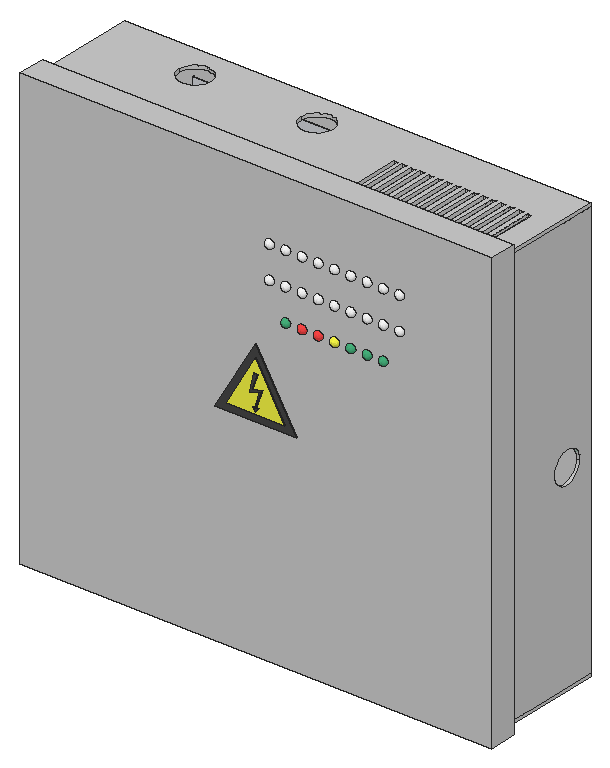
Revit family "STS-411К_RV17_LOD_400", category Электрооборудование, Revit 2017
Family settings
  Конфигурация панели = Два столбца, слева направо
  Размер круглого соединителя = Использовать диаметр
  Тип детали = Щит
  На основе рабочей плоскости = Нет
  Всегда вертикально = Да
  При загрузке вырезать с полостями = Нет
  Общий = Нет
  Точка расчета площади = Нет
Parameters (values of type "STS-411K")
  Ток коммутации (постоянный), А = 0.04 A
  Стандарт интерфейса связи = "10 Base-T Ethernet (гнездо RJ-45), RS-485\r\nEthernet\r\n(гнездо RJ-45),\r\nRS-485"
  Смещение_УГО_Y [instance] = 0 mm
  Смещение_УГО_X [instance] = 0 mm
  Раздел проекта [instance] = ""
  Раздел Спецификации [instance] = ""
  Предельное значение сопротивления проводов ШС, кОм = 0.1
  Номинальное рабочее напряжение, В = 12
  Напряжение питания в автономном режиме, В = "от 10,5 до 14,2"
  Напряжение = "220"
  Максимальный потребляемый контроллером ток от сети переменного тока (без дополнительных внешних потребителей), А = 0.1 A
  Максимальный коммутируемый ток, А = 12 A
  Максимальное удаление считывающих устройств от контролера, не более, м = 100
  Максимальное количество подключаемых извещателей, при суммарном потреблении тока не более 3 мА, шт. = 20
  Максимальное количество ключей (пропусков) ОПС, шт. = 16
  Максимальное время работы в автономном режиме, ч = 3.8
  Крышка [instance] = yes
  Контактный набор = "1 перекл."
  Количество реле, шт = 8
  Количество поддерживаемых считывающих устройств, не более, шт = 2
  Информационная ёмкость (количество ШС) = 16
  Интерфейс считывателей (2) = "Wiegand 40/42"
  Интерфейс считывателей (1) = "Wiegand 26"
  Длина кода ключа (пропуска), символов = "1-8"
  Диапазон рабочих температур, °С = "от +5 до +50"
  В_Смещение_УГО_Y [instance] = Смещение_УГО_Y + 2000 mm  # 2000 mm
  В_Смещение_УГО_X [instance] = Смещение_УГО_X + 2000 mm  # 2000 mm
  АКБ [instance] = yes
  d короба [instance] = 20 mm
  ADSK_Размер_Ширина = 290 mm
  ADSK_Размер_Глубина = 78 mm
  ADSK_Размер_Высота = 270 mm
  ADSK_Примечание = ""
  ADSK_Наименование = "STS-411К"
  ADSK_Масса = 2
  ADSK_Марка = "СТВФ.426469.012"
  ADSK_Количество = 1
  ADSK_Завод-изготовитель = "ООО «Основа Безопасности»"  # constant formula
  ADSK_Единица измерения = "шт."  # constant formula
  ADSK_URL страницы изделия = "https://stilsoft.ru/products/sts-411k"
  ADSK_URL документации изделия = ""
Reference planes
  plane 1 "По центру (Вперед/Назад)": y = 0
  plane 2: z = 0
  plane 3 "По центру (Влево/Вправо)": x = 0
  plane 4 "крышка": y = -78
  plane 5: x = 145
  plane 6: x = -145
  plane 7 "слева": x = -143
  plane 8: x = -141
  plane 9: x = 143
  plane 10: x = 141
  plane 11: y = -76
  plane 12 "0": y = -2
  plane 13: z = 270
  plane 14: z = 2
  plane 15: z = 4.5
  plane 16: z = 6.5
  plane 17: z = 268
  plane 18: z = 265.5
  plane 19: z = 263.5
  plane 20: y = 0
  plane 21: x = 0
  plane 22: y = 2000
  plane 23: x = -2000
Forms (mm)
  Extrusion 1, solid, material "Крыша по умолчанию", detail levels medium+fine
    sketch origin (0, 0, 0) x (1, 0, 0) y (0, 1, 0)
      loop
        line (-141, -76) -> (-141, -2) -> (141, -2) -> (141, -76) -> (143, -76) -> (143, 0) -> (-143, 0) -> (-143, -76) -> (-141, -76)
    from 6.5 to 263.5
  Extrusion 2, solid, material "Крыша по умолчанию", detail levels medium+fine
    sketch origin (0, 0, 0) x (1, 0, 0) y (0, 1, 0)
      loop
        line (-143, 0) -> (-143, -76) -> (143, -76) -> (143, 0) -> (-143, 0)
    from 4.5 to 6.5
  Extrusion 3, solid, material "Крыша по умолчанию", detail levels medium+fine
    sketch origin (0, 0, 0) x (1, 0, 0) y (0, 1, 0)
      loop
        line (-143, 0) -> (-143, -76) -> (143, -76) -> (143, 0) -> (-143, 0)
    from 263.5 to 265.5
  Extrusion 4, solid, material "Крыша по умолчанию", visible <- "Крышка", detail levels medium+fine
    sketch origin (0, -78, 0) x (-1, 0, 0) y (0, 0, 1)
      loop
        line (145, 270) -> (-145, 270) -> (-145, 0) -> (145, 0) -> (145, 270)
    from 0 to 2
  Extrusion 5, solid, material "Крыша по умолчанию", visible <- "Крышка", detail levels medium+fine
    sketch origin (0, -78, 0) x (-1, 0, 0) y (0, 0, 1)
      loop
        line (145, 270) -> (-145, 270) -> (-145, 0) -> (145, 0) -> (145, 270)
      loop
        line (143, 268) -> (-143, 268) -> (-143, 2) -> (143, 2) -> (143, 268)
    from 2 to 17
  Extrusion 6, void, detail levels fine
    sketch origin (0, 0, 0) x (1, 0, 0) y (0, 1, 0)
      loop
        circle (-83, -21) r 10
      loop
        circle (-8, -21) r 10
    from 263.5 to 265.5
  Extrusion 7, void, detail levels fine
    sketch origin (0, 0, 0) x (1, 0, 0) y (0, 1, 0)
      loop
        line (44, -27) -> (44, -57) -> (46.5, -57) -> (46.5, -27) -> (44, -27)
      loop
        line (49, -27) -> (49, -57) -> (52, -57) -> (52, -27) -> (49, -27)
      loop
        line (54.5, -27) -> (54.5, -57) -> (57.5, -57) -> (57.5, -27) -> (54.5, -27)
      loop
        line (60, -27) -> (60, -57) -> (63, -57) -> (63, -27) -> (60, -27)
      loop
        line (65.5, -27) -> (65.5, -57) -> (68.5, -57) -> (68.5, -27) -> (65.5, -27)
      loop
        line (71, -27) -> (71, -57) -> (74, -57) -> (74, -27) -> (71, -27)
      loop
        line (76.5, -27) -> (76.5, -57) -> (79.5, -57) -> (79.5, -27) -> (76.5, -27)
      loop
        line (82, -27) -> (82, -57) -> (85, -57) -> (85, -27) -> (82, -27)
      loop
        line (87.5, -27) -> (87.5, -57) -> (90.5, -57) -> (90.5, -27) -> (87.5, -27)
      loop
        line (93, -27) -> (93, -57) -> (96, -57) -> (96, -27) -> (93, -27)
      loop
        line (98.5, -27) -> (98.5, -57) -> (101.5, -57) -> (101.5, -27) -> (98.5, -27)
      loop
        line (104, -27) -> (104, -57) -> (107, -57) -> (107, -27) -> (104, -27)
      loop
        line (109.5, -27) -> (109.5, -57) -> (112.5, -57) -> (112.5, -27) -> (109.5, -27)
      loop
        line (115, -27) -> (115, -57) -> (118, -57) -> (118, -27) -> (115, -27)
      loop
        line (120.5, -27) -> (120.5, -57) -> (123.5, -57) -> (123.5, -27) -> (120.5, -27)
      loop
        line (126, -27) -> (126, -57) -> (129, -57) -> (129, -27) -> (126, -27)
    from 263.5 to 265.5
  Extrusion 8, void, detail levels fine
    sketch origin (-143, 0, 0) x (0, 1, 0) y (0, 0, 1)
      loop
        circle (-18, 127.5) r 10
    from 0 to 2
  Extrusion 9, void, detail levels fine
    sketch origin (-143, 0, 0) x (0, 1, 0) y (0, 0, 1)
      loop
        circle (-18, 127.5) r 10
    from 284 to 286
  Extrusion 10, void, detail levels fine
    sketch origin (0, 0, 0) x (1, 0, 0) y (0, 1, 0)
      loop
        circle (-129, -17) r 10
      loop
        line (-116, -22) -> (-116, -52) -> (-113.5, -52) -> (-113.5, -22) -> (-116, -22)
      loop
        line (-110.5, -22) -> (-110.5, -52) -> (-108, -52) -> (-108, -22) -> (-110.5, -22)
      loop
        line (-105, -22) -> (-105, -52) -> (-102.5, -52) -> (-102.5, -22) -> (-105, -22)
      loop
        line (-99.5, -22) -> (-99.5, -52) -> (-97, -52) -> (-97, -22) -> (-99.5, -22)
      loop
        line (-94, -22) -> (-94, -52) -> (-91.5, -52) -> (-91.5, -22) -> (-94, -22)
      loop
        line (-88.5, -22) -> (-88.5, -52) -> (-86, -52) -> (-86, -22) -> (-88.5, -22)
      loop
        line (-83, -22) -> (-83, -52) -> (-80.5, -52) -> (-80.5, -22) -> (-83, -22)
      loop
        line (-77.5, -22) -> (-77.5, -52) -> (-75, -52) -> (-75, -22) -> (-77.5, -22)
      loop
        line (-72, -22) -> (-72, -52) -> (-69.5, -52) -> (-69.5, -22) -> (-72, -22)
      loop
        line (-66.5, -22) -> (-66.5, -52) -> (-64, -52) -> (-64, -22) -> (-66.5, -22)
      loop
        line (-61, -22) -> (-61, -52) -> (-58.5, -52) -> (-58.5, -22) -> (-61, -22)
      loop
        line (-55.5, -22) -> (-55.5, -52) -> (-53, -52) -> (-53, -22) -> (-55.5, -22)
      loop
        line (-50, -22) -> (-50, -52) -> (-47.5, -52) -> (-47.5, -22) -> (-50, -22)
      loop
        line (-44.5, -22) -> (-44.5, -52) -> (-42, -52) -> (-42, -22) -> (-44.5, -22)
      loop
        line (-39, -22) -> (-39, -52) -> (-36.5, -52) -> (-36.5, -22) -> (-39, -22)
      loop
        line (-33.5, -22) -> (-33.5, -52) -> (-31, -52) -> (-31, -22) -> (-33.5, -22)
    from 4.5 to 6.5
  Extrusion 11, solid, detail levels fine
    sketch origin (0, -2, 0) x (-1, 0, 0) y (0, 0, 1)
      loop
        line (99, 251) -> (-86, 251) -> (-86, 141) -> (99, 141) -> (99, 251)
    from 0 to -1
  Extrusion 12, solid, detail levels fine
    sketch origin (0, -2, 0) x (-1, 0, 0) y (0, 0, 1)
      loop
        line (126, 21) -> (126, 156) -> (66, 156) -> (66, 21) -> (126, 21)
    from 0 to -1
  Revolve 13, solid, material "Стекло", detail levels fine
    sketch origin (0, -78, 0) x (-1, 0, 0) y (0, 0, 1)
      loop
        line (-6, 230) -> (-11, 230)
        arc (-11, 230) -> (-8.5, 227.5) -> (-6, 230) r 2.5
      axis (-6, 230) -> (-11, 230)
    angle from 0 to 180
  Revolve 14, solid, material "Стекло", detail levels fine
    sketch origin (0, -78, -20) x (-1, 0, 0) y (0, 0, 1)
      loop
        line (-6, 230) -> (-11, 230)
        arc (-11, 230) -> (-8.5, 227.5) -> (-6, 230) r 2.5
      axis (-6, 230) -> (-11, 230)
    angle from 0 to 180
  Revolve 15, solid, material "Стекло", detail levels fine
    sketch origin (10, -78, 0) x (-1, 0, 0) y (0, 0, 1)
      loop
        line (-6, 230) -> (-11, 230)
        arc (-11, 230) -> (-8.5, 227.5) -> (-6, 230) r 2.5
      axis (-6, 230) -> (-11, 230)
    angle from 0 to 180
  Revolve 16, solid, material "Стекло", detail levels fine
    sketch origin (10, -78, -20) x (-1, 0, 0) y (0, 0, 1)
      loop
        line (-6, 230) -> (-11, 230)
        arc (-11, 230) -> (-8.5, 227.5) -> (-6, 230) r 2.5
      axis (-6, 230) -> (-11, 230)
    angle from 0 to 180
  Revolve 17, solid, material "Стекло", detail levels fine
    sketch origin (20, -78, 0) x (-1, 0, 0) y (0, 0, 1)
      loop
        line (-6, 230) -> (-11, 230)
        arc (-11, 230) -> (-8.5, 227.5) -> (-6, 230) r 2.5
      axis (-6, 230) -> (-11, 230)
    angle from 0 to 180
  Revolve 18, solid, material "Стекло", detail levels fine
    sketch origin (20, -78, -20) x (-1, 0, 0) y (0, 0, 1)
      loop
        line (-6, 230) -> (-11, 230)
        arc (-11, 230) -> (-8.5, 227.5) -> (-6, 230) r 2.5
      axis (-6, 230) -> (-11, 230)
    angle from 0 to 180
  Revolve 19, solid, material "Стекло", detail levels fine
    sketch origin (30, -78, 0) x (-1, 0, 0) y (0, 0, 1)
      loop
        line (-6, 230) -> (-11, 230)
        arc (-11, 230) -> (-8.5, 227.5) -> (-6, 230) r 2.5
      axis (-6, 230) -> (-11, 230)
    angle from 0 to 180
  Revolve 20, solid, material "Стекло", detail levels fine
    sketch origin (30, -78, -20) x (-1, 0, 0) y (0, 0, 1)
      loop
        line (-6, 230) -> (-11, 230)
        arc (-11, 230) -> (-8.5, 227.5) -> (-6, 230) r 2.5
      axis (-6, 230) -> (-11, 230)
    angle from 0 to 180
  Revolve 21, solid, material "Стекло", detail levels fine
    sketch origin (40, -78, 0) x (-1, 0, 0) y (0, 0, 1)
      loop
        line (-6, 230) -> (-11, 230)
        arc (-11, 230) -> (-8.5, 227.5) -> (-6, 230) r 2.5
      axis (-6, 230) -> (-11, 230)
    angle from 0 to 180
  Revolve 22, solid, material "Стекло", detail levels fine
    sketch origin (40, -78, -20) x (-1, 0, 0) y (0, 0, 1)
      loop
        line (-6, 230) -> (-11, 230)
        arc (-11, 230) -> (-8.5, 227.5) -> (-6, 230) r 2.5
      axis (-6, 230) -> (-11, 230)
    angle from 0 to 180
  Revolve 23, solid, material "Стекло", detail levels fine
    sketch origin (50, -78, 0) x (-1, 0, 0) y (0, 0, 1)
      loop
        line (-6, 230) -> (-11, 230)
        arc (-11, 230) -> (-8.5, 227.5) -> (-6, 230) r 2.5
      axis (-6, 230) -> (-11, 230)
    angle from 0 to 180
  Revolve 24, solid, material "Стекло", detail levels fine
    sketch origin (50, -78, -20) x (-1, 0, 0) y (0, 0, 1)
      loop
        line (-6, 230) -> (-11, 230)
        arc (-11, 230) -> (-8.5, 227.5) -> (-6, 230) r 2.5
      axis (-6, 230) -> (-11, 230)
    angle from 0 to 180
  Revolve 25, solid, material "Стекло", detail levels fine
    sketch origin (60, -78, 0) x (-1, 0, 0) y (0, 0, 1)
      loop
        line (-6, 230) -> (-11, 230)
        arc (-11, 230) -> (-8.5, 227.5) -> (-6, 230) r 2.5
      axis (-6, 230) -> (-11, 230)
    angle from 0 to 180
  Revolve 26, solid, material "Стекло", detail levels fine
    sketch origin (60, -78, -20) x (-1, 0, 0) y (0, 0, 1)
      loop
        line (-6, 230) -> (-11, 230)
        arc (-11, 230) -> (-8.5, 227.5) -> (-6, 230) r 2.5
      axis (-6, 230) -> (-11, 230)
    angle from 0 to 180
  Revolve 27, solid, material "Стекло", detail levels fine
    sketch origin (70, -78, 0) x (-1, 0, 0) y (0, 0, 1)
      loop
        line (-6, 230) -> (-11, 230)
        arc (-11, 230) -> (-8.5, 227.5) -> (-6, 230) r 2.5
      axis (-6, 230) -> (-11, 230)
    angle from 0 to 180
  Revolve 28, solid, material "Стекло", detail levels fine
    sketch origin (70, -78, -20) x (-1, 0, 0) y (0, 0, 1)
      loop
        line (-6, 230) -> (-11, 230)
        arc (-11, 230) -> (-8.5, 227.5) -> (-6, 230) r 2.5
      axis (-6, 230) -> (-11, 230)
    angle from 0 to 180
  Revolve 29, solid, material "Стекло", detail levels fine
    sketch origin (80, -78, 0) x (-1, 0, 0) y (0, 0, 1)
      loop
        line (-6, 230) -> (-11, 230)
        arc (-11, 230) -> (-8.5, 227.5) -> (-6, 230) r 2.5
      axis (-6, 230) -> (-11, 230)
    angle from 0 to 180
  Revolve 30, solid, material "Стекло", detail levels fine
    sketch origin (80, -78, -20) x (-1, 0, 0) y (0, 0, 1)
      loop
        line (-6, 230) -> (-11, 230)
        arc (-11, 230) -> (-8.5, 227.5) -> (-6, 230) r 2.5
      axis (-6, 230) -> (-11, 230)
    angle from 0 to 180
  Revolve 31, solid, material "Стекло 2", detail levels fine
    sketch origin (10, -78, -40) x (-1, 0, 0) y (0, 0, 1)
      loop
        line (-6, 230) -> (-11, 230)
        arc (-11, 230) -> (-8.5, 227.5) -> (-6, 230) r 2.5
      axis (-6, 230) -> (-11, 230)
    angle from 0 to 180
  Revolve 32, solid, material "Стекло 3", detail levels fine
    sketch origin (20, -78, -40) x (-1, 0, 0) y (0, 0, 1)
      loop
        line (-6, 230) -> (-11, 230)
        arc (-11, 230) -> (-8.5, 227.5) -> (-6, 230) r 2.5
      axis (-6, 230) -> (-11, 230)
    angle from 0 to 180
  Revolve 33, solid, material "Стекло 3", detail levels fine
    sketch origin (30, -78, -40) x (-1, 0, 0) y (0, 0, 1)
      loop
        line (-6, 230) -> (-11, 230)
        arc (-11, 230) -> (-8.5, 227.5) -> (-6, 230) r 2.5
      axis (-6, 230) -> (-11, 230)
    angle from 0 to 180
  Revolve 34, solid, material "Стекло 4", detail levels fine
    sketch origin (40, -78, -40) x (-1, 0, 0) y (0, 0, 1)
      loop
        line (-6, 230) -> (-11, 230)
        arc (-11, 230) -> (-8.5, 227.5) -> (-6, 230) r 2.5
      axis (-6, 230) -> (-11, 230)
    angle from 0 to 180
  Revolve 35, solid, material "Стекло 2", detail levels fine
    sketch origin (50, -78, -40) x (-1, 0, 0) y (0, 0, 1)
      loop
        line (-6, 230) -> (-11, 230)
        arc (-11, 230) -> (-8.5, 227.5) -> (-6, 230) r 2.5
      axis (-6, 230) -> (-11, 230)
    angle from 0 to 180
  Revolve 36, solid, material "Стекло 2", detail levels fine
    sketch origin (60, -78, -40) x (-1, 0, 0) y (0, 0, 1)
      loop
        line (-6, 230) -> (-11, 230)
        arc (-11, 230) -> (-8.5, 227.5) -> (-6, 230) r 2.5
      axis (-6, 230) -> (-11, 230)
    angle from 0 to 180
  Revolve 37, solid, material "Стекло 2", detail levels fine
    sketch origin (70, -78, -40) x (-1, 0, 0) y (0, 0, 1)
      loop
        line (-6, 230) -> (-11, 230)
        arc (-11, 230) -> (-8.5, 227.5) -> (-6, 230) r 2.5
      axis (-6, 230) -> (-11, 230)
    angle from 0 to 180
  Extrusion 38, solid, material "наклейка 1", detail levels fine
    sketch origin (0, -78, 0) x (-1, 0, 0) y (0, 0, 1)
      loop
        line (-25, 129) -> (25, 129) -> (0, 172) -> (-25, 129)
    from 0 to -0.2
  Extrusion 39, solid, material "наклейка 2", detail levels fine
    sketch origin (0, -78, 0) x (-1, 0, 0) y (0, 0, 1)
      loop
        line (0, 164) -> (-18, 133) -> (18, 133) -> (0, 164)
    from 0 to -0.3
  Extrusion 40, solid, material "наклейка 1", detail levels fine
    sketch origin (0, -78, 0) x (-1, 0, 0) y (0, 0, 1)
      loop
        line (0, 155.554) -> (-1.21, 155.554) -> (1.839, 146.698) -> (-4.083, 147.742) -> (-0.309, 136.784) -> (-1.812, 136.784) -> (0, 134.624) -> (1.878, 136.784) -> (0.319, 136.784) -> (-2.248, 146.362) -> (3.576, 144.47) -> (1.22, 155.554) -> (0, 155.554)
    from 0 to -0.4
Cuts and joins
  joined: Extrusion 4, Extrusion 5
  Extrusion 6, Extrusion 7 cuts Extrusion 3
  Extrusion 8, Extrusion 9 cuts Extrusion 1
  Extrusion 10 cuts Extrusion 2
Dimensions and locks
  "ADSK_Размер_Глубина": plane 4 "крышка" to plane 1 "По центру (Вперед/Назад)"
  "ADSK_Размер_Ширина": plane 6 to plane 5
  "ADSK_Размер_Высота": plane 13 to plane 2
  locked: plane 23 to plane 3 "По центру (Влево/Вправо)" at 2000
  locked: plane 22 to plane 1 "По центру (Вперед/Назад)" at 2000
  "В_Смещение_УГО_X": plane 23 to plane 21
  "В_Смещение_УГО_Y": plane 22 to plane 20
  aligned and locked: level to plane 2
  aligned and locked: nested 1 to cut or joined group of Extrusion 2, Extrusion 10
  aligned and locked: nested 2 to plane 20
  aligned and locked: plane 21 to nested 2
Automatic sketch dimensions
  Extrusion 1 sketch curve to plane 7 "слева" = 0 mm
  Extrusion 1 sketch curve to plane 8 = 0 mm
  Extrusion 1 sketch curve to plane 10 = 0 mm
  plane 1 "По центру (Вперед/Назад)" to Extrusion 1 sketch curve = 0 mm
  Extrusion 1 sketch curve to plane 9 = 0 mm
  Extrusion 1 sketch curve to plane 11 = 0 mm  (x2)
  Extrusion 1 sketch curve to plane 12 "0" = 0 mm
  Extrusion 2 sketch curve to plane 7 "слева" = 0 mm
  Extrusion 2 sketch curve to plane 9 = 0 mm
  Extrusion 2 sketch curve to plane 11 = 0 mm
  plane 1 "По центру (Вперед/Назад)" to Extrusion 2 sketch curve = 0 mm
  Extrusion 3 sketch curve to plane 7 "слева" = 0 mm
  Extrusion 3 sketch curve to plane 9 = 0 mm
  Extrusion 3 sketch curve to plane 11 = 0 mm
  plane 1 "По центру (Вперед/Назад)" to Extrusion 3 sketch curve = 0 mm
  Extrusion 4 sketch curve to plane 5 = 0 mm
  Extrusion 4 sketch curve to level = 0 mm
  plane 6 to Extrusion 4 sketch curve = 0 mm
  Extrusion 4 sketch curve to plane 13 = 0 mm
  Extrusion 5 sketch curve to plane 5 = 0 mm
  plane 9 to Extrusion 5 sketch curve = 0 mm
  Extrusion 5 sketch curve to plane 7 "слева" = 0 mm
  plane 6 to Extrusion 5 sketch curve = 0 mm
  Extrusion 5 sketch curve to level = 0 mm
  Extrusion 5 sketch curve to plane 14 = 0 mm
  Extrusion 5 sketch curve to plane 17 = 0 mm
  Extrusion 5 sketch curve to plane 13 = 0 mm
  Extrusion 6 sketch curve to plane 12 "0" = 19 mm  (x2)
  plane 8 to Extrusion 6 sketch curve = 58 mm
  Extrusion 6 sketch curve to plane 3 "По центру (Влево/Вправо)" = 8 mm
  plane 3 "По центру (Влево/Вправо)" to Extrusion 7 sketch curve = 44 mm
  Extrusion 7 sketch curve to Extrusion 7 sketch curve = 2.5 mm  (x16)
  Extrusion 7 sketch curve to Extrusion 7 sketch curve = 3 mm  (x15)
  plane 11 to Extrusion 7 sketch curve = 19 mm  (x2)
  Extrusion 7 sketch curve to Extrusion 7 sketch curve = 0 mm  (x29)
  Extrusion 7 sketch curve to plane 12 "0" = 25 mm
  Extrusion 8 sketch curve to plane 12 "0" = 16 mm
  plane 16 to Extrusion 8 sketch curve = 121 mm
  Extrusion 9 sketch curve to plane 12 "0" = 16 mm
  plane 16 to Extrusion 9 sketch curve = 121 mm
  plane 8 to Extrusion 10 sketch curve = 12 mm
  Extrusion 10 sketch curve to Extrusion 10 sketch curve = 13 mm
  Extrusion 10 sketch curve to Extrusion 10 sketch curve = 2.5 mm  (x16)
  Extrusion 10 sketch curve to Extrusion 10 sketch curve = 3 mm  (x15)
  plane 11 to Extrusion 10 sketch curve = 24 mm  (x2)
  Extrusion 10 sketch curve to Extrusion 10 sketch curve = 0 mm  (x28)
  Extrusion 10 sketch curve to plane 12 "0" = 20 mm  (x2)
  Extrusion 10 sketch curve to Extrusion 10 sketch curve = 5 mm
  plane 19 to Extrusion 11 sketch curve = 12.5 mm
  plane 10 to Extrusion 11 sketch curve = 55 mm
  plane 8 to Extrusion 11 sketch curve = 42 mm
  Extrusion 11 sketch curve to Extrusion 11 sketch curve = 110 mm
  plane 16 to Extrusion 12 sketch curve = 14.5 mm
  Extrusion 12 sketch curve to plane 3 "По центру (Влево/Вправо)" = 66 mm
  plane 8 to Extrusion 12 sketch curve = 15 mm
  plane 19 to Extrusion 12 sketch curve = 107.5 mm
  plane 3 "По центру (Влево/Вправо)" to Revolve 13 sketch curve = 11 mm
  Revolve 13 sketch curve to Revolve 13 sketch curve = 2.5 mm
  plane 19 to Revolve 13 sketch curve = 33.5 mm
  Revolve 13 sketch curve to Revolve 13 sketch curve = 0 mm  (x3)
  plane 3 "По центру (Влево/Вправо)" to Revolve 14 sketch curve = 11 mm
  Revolve 14 sketch curve to Revolve 14 sketch curve = 2.5 mm
  plane 19 to Revolve 14 sketch curve = 53.5 mm
  Revolve 14 sketch curve to Revolve 14 sketch curve = 0 mm  (x3)
  plane 3 "По центру (Влево/Вправо)" to Revolve 15 sketch curve = 21 mm
  Revolve 15 sketch curve to Revolve 15 sketch curve = 2.5 mm
  plane 19 to Revolve 15 sketch curve = 33.5 mm
  Revolve 15 sketch curve to Revolve 15 sketch curve = 0 mm  (x3)
  plane 3 "По центру (Влево/Вправо)" to Revolve 16 sketch curve = 21 mm
  Revolve 16 sketch curve to Revolve 16 sketch curve = 2.5 mm
  plane 19 to Revolve 16 sketch curve = 53.5 mm
  Revolve 16 sketch curve to Revolve 16 sketch curve = 0 mm  (x3)
  plane 3 "По центру (Влево/Вправо)" to Revolve 17 sketch curve = 31 mm
  Revolve 17 sketch curve to Revolve 17 sketch curve = 2.5 mm
  plane 19 to Revolve 17 sketch curve = 33.5 mm
  Revolve 17 sketch curve to Revolve 17 sketch curve = 0 mm  (x3)
  plane 3 "По центру (Влево/Вправо)" to Revolve 18 sketch curve = 31 mm
  Revolve 18 sketch curve to Revolve 18 sketch curve = 2.5 mm
  plane 19 to Revolve 18 sketch curve = 53.5 mm
  Revolve 18 sketch curve to Revolve 18 sketch curve = 0 mm  (x3)
  plane 3 "По центру (Влево/Вправо)" to Revolve 19 sketch curve = 41 mm
  Revolve 19 sketch curve to Revolve 19 sketch curve = 2.5 mm
  plane 19 to Revolve 19 sketch curve = 33.5 mm
  Revolve 19 sketch curve to Revolve 19 sketch curve = 0 mm  (x3)
  plane 3 "По центру (Влево/Вправо)" to Revolve 20 sketch curve = 41 mm
  Revolve 20 sketch curve to Revolve 20 sketch curve = 2.5 mm
  plane 19 to Revolve 20 sketch curve = 53.5 mm
  Revolve 20 sketch curve to Revolve 20 sketch curve = 0 mm  (x3)
  plane 3 "По центру (Влево/Вправо)" to Revolve 21 sketch curve = 51 mm
  Revolve 21 sketch curve to Revolve 21 sketch curve = 2.5 mm
  plane 19 to Revolve 21 sketch curve = 33.5 mm
  Revolve 21 sketch curve to Revolve 21 sketch curve = 0 mm  (x3)
  plane 3 "По центру (Влево/Вправо)" to Revolve 22 sketch curve = 51 mm
  Revolve 22 sketch curve to Revolve 22 sketch curve = 2.5 mm
  plane 19 to Revolve 22 sketch curve = 53.5 mm
  Revolve 22 sketch curve to Revolve 22 sketch curve = 0 mm  (x3)
  plane 3 "По центру (Влево/Вправо)" to Revolve 23 sketch curve = 61 mm
  Revolve 23 sketch curve to Revolve 23 sketch curve = 2.5 mm
  plane 19 to Revolve 23 sketch curve = 33.5 mm
  Revolve 23 sketch curve to Revolve 23 sketch curve = 0 mm  (x3)
  plane 3 "По центру (Влево/Вправо)" to Revolve 24 sketch curve = 61 mm
  Revolve 24 sketch curve to Revolve 24 sketch curve = 2.5 mm
  plane 19 to Revolve 24 sketch curve = 53.5 mm
  Revolve 24 sketch curve to Revolve 24 sketch curve = 0 mm  (x3)
  plane 10 to Revolve 25 sketch curve = 70 mm
  Revolve 25 sketch curve to Revolve 25 sketch curve = 2.5 mm
  plane 19 to Revolve 25 sketch curve = 33.5 mm
  Revolve 25 sketch curve to Revolve 25 sketch curve = 0 mm  (x3)
  plane 10 to Revolve 26 sketch curve = 70 mm
  Revolve 26 sketch curve to Revolve 26 sketch curve = 2.5 mm
  plane 19 to Revolve 26 sketch curve = 53.5 mm
  Revolve 26 sketch curve to Revolve 26 sketch curve = 0 mm  (x3)
  plane 10 to Revolve 27 sketch curve = 60 mm
  Revolve 27 sketch curve to Revolve 27 sketch curve = 2.5 mm
  plane 19 to Revolve 27 sketch curve = 33.5 mm
  Revolve 27 sketch curve to Revolve 27 sketch curve = 0 mm  (x3)
  plane 10 to Revolve 28 sketch curve = 60 mm
  Revolve 28 sketch curve to Revolve 28 sketch curve = 2.5 mm
  plane 19 to Revolve 28 sketch curve = 53.5 mm
  Revolve 28 sketch curve to Revolve 28 sketch curve = 0 mm  (x3)
  plane 10 to Revolve 29 sketch curve = 50 mm
  Revolve 29 sketch curve to Revolve 29 sketch curve = 2.5 mm
  plane 19 to Revolve 29 sketch curve = 33.5 mm
  Revolve 29 sketch curve to Revolve 29 sketch curve = 0 mm  (x3)
  plane 10 to Revolve 30 sketch curve = 50 mm
  Revolve 30 sketch curve to Revolve 30 sketch curve = 2.5 mm
  plane 19 to Revolve 30 sketch curve = 53.5 mm
  Revolve 30 sketch curve to Revolve 30 sketch curve = 0 mm  (x3)
  plane 3 "По центру (Влево/Вправо)" to Revolve 31 sketch curve = 21 mm
  Revolve 31 sketch curve to Revolve 31 sketch curve = 2.5 mm
  plane 19 to Revolve 31 sketch curve = 73.5 mm
  Revolve 31 sketch curve to Revolve 31 sketch curve = 0 mm  (x3)
  plane 3 "По центру (Влево/Вправо)" to Revolve 32 sketch curve = 31 mm
  Revolve 32 sketch curve to Revolve 32 sketch curve = 2.5 mm
  plane 19 to Revolve 32 sketch curve = 73.5 mm
  Revolve 32 sketch curve to Revolve 32 sketch curve = 0 mm  (x3)
  plane 3 "По центру (Влево/Вправо)" to Revolve 33 sketch curve = 41 mm
  Revolve 33 sketch curve to Revolve 33 sketch curve = 2.5 mm
  plane 19 to Revolve 33 sketch curve = 73.5 mm
  Revolve 33 sketch curve to Revolve 33 sketch curve = 0 mm  (x3)
  plane 3 "По центру (Влево/Вправо)" to Revolve 34 sketch curve = 51 mm
  Revolve 34 sketch curve to Revolve 34 sketch curve = 2.5 mm
  plane 19 to Revolve 34 sketch curve = 73.5 mm
  Revolve 34 sketch curve to Revolve 34 sketch curve = 0 mm  (x3)
  plane 3 "По центру (Влево/Вправо)" to Revolve 35 sketch curve = 61 mm
  Revolve 35 sketch curve to Revolve 35 sketch curve = 2.5 mm
  plane 19 to Revolve 35 sketch curve = 73.5 mm
  Revolve 35 sketch curve to Revolve 35 sketch curve = 0 mm  (x3)
  plane 10 to Revolve 36 sketch curve = 70 mm
  Revolve 36 sketch curve to Revolve 36 sketch curve = 2.5 mm
  plane 19 to Revolve 36 sketch curve = 73.5 mm
  Revolve 36 sketch curve to Revolve 36 sketch curve = 0 mm  (x3)
  plane 10 to Revolve 37 sketch curve = 60 mm
  Revolve 37 sketch curve to Revolve 37 sketch curve = 2.5 mm
  plane 19 to Revolve 37 sketch curve = 73.5 mm
  Revolve 37 sketch curve to Revolve 37 sketch curve = 0 mm  (x3)
  Extrusion 38 sketch curve to plane 3 "По центру (Влево/Вправо)" = 0 mm
  plane 3 "По центру (Влево/Вправо)" to Extrusion 38 sketch curve = 25 mm
  Extrusion 38 sketch curve to plane 3 "По центру (Влево/Вправо)" = 25 mm
  plane 16 to Extrusion 38 sketch curve = 122.5 mm
  Extrusion 38 sketch curve to Extrusion 38 sketch curve = 43 mm
  Extrusion 39 sketch curve to plane 3 "По центру (Влево/Вправо)" = 0 mm
  plane 3 "По центру (Влево/Вправо)" to Extrusion 39 sketch curve = 18 mm
  Extrusion 39 sketch curve to plane 3 "По центру (Влево/Вправо)" = 18 mm
  plane 16 to Extrusion 39 sketch curve = 126.5 mm
  Extrusion 39 sketch curve to Extrusion 39 sketch curve = 31 mm
  Extrusion 40 sketch curve to plane 3 "По центру (Влево/Вправо)" = 0 mm  (x2)
  plane 3 "По центру (Влево/Вправо)" to Extrusion 40 sketch curve = 0.309 mm
  plane 3 "По центру (Влево/Вправо)" to Extrusion 40 sketch curve = 1.21 mm
  Extrusion 40 sketch curve to Extrusion 40 sketch curve = 1.503 mm
  plane 3 "По центру (Влево/Вправо)" to Extrusion 40 sketch curve = 2.248 mm
  Extrusion 40 sketch curve to Extrusion 40 sketch curve = 1.835 mm
  Extrusion 40 sketch curve to plane 3 "По центру (Влево/Вправо)" = 0.319 mm
  Extrusion 40 sketch curve to plane 3 "По центру (Влево/Вправо)" = 1.22 mm
  Extrusion 40 sketch curve to plane 3 "По центру (Влево/Вправо)" = 1.839 mm
  Extrusion 40 sketch curve to Extrusion 40 sketch curve = 1.559 mm
  Extrusion 40 sketch curve to Extrusion 40 sketch curve = 1.736 mm
  plane 16 to Extrusion 40 sketch curve = 128.124 mm
  Extrusion 40 sketch curve to Extrusion 40 sketch curve = 2.16 mm
  Extrusion 40 sketch curve to Extrusion 40 sketch curve = 0 mm
  Extrusion 40 sketch curve to Extrusion 40 sketch curve = 7.686 mm
  Extrusion 40 sketch curve to Extrusion 40 sketch curve = 1.892 mm
  Extrusion 40 sketch curve to Extrusion 40 sketch curve = 2.228 mm
  Extrusion 40 sketch curve to Extrusion 40 sketch curve = 1.381 mm
  Extrusion 40 sketch curve to Extrusion 40 sketch curve = 7.811 mm
  radius of Extrusion 6 sketch curve = 10 mm  (x2)
  radius of Extrusion 8 sketch curve = 10 mm
  radius of Extrusion 9 sketch curve = 10 mm
  radius of Extrusion 10 sketch curve = 10 mm
Nested families
  nested 1: "АКБ" at (52.5, -2, 6.5), visible <- "АКБ", type "АКБ", detail levels fine
  nested 2: "УГО_Контроллер" at (0, 0, 0), type "УГО_Контроллер", detail levels coarse
Connectors
  electrical at (-8, -21, 263.5)
    settings: on cut or joined group of Extrusion 3, Extrusion 6, Extrusion 7, index 1, voltage 0 V, apparent load 0 VA, apparent load phase1 0 VA, apparent load phase2 0 VA, apparent load phase3 0 VA, power factor 1, load classification "Прочее", number of poles 1, system type 31, power factor state 1, is connector primary yes, connector utility no, sub classification motor no, connector description ""
  electrical at (-83, -21, 263.5)
    settings: on cut or joined group of Extrusion 3, Extrusion 6, Extrusion 7, index 2, voltage 0 V, apparent load 0 VA, apparent load phase1 0 VA, apparent load phase2 0 VA, apparent load phase3 0 VA, power factor 1, load classification "Прочее", number of poles 1, system type 31, power factor state 1, is connector primary no, connector utility no, sub classification motor no, connector description ""
  electrical at (-141, -18, 127.5)
    settings: on cut or joined group of Extrusion 1, Extrusion 8, Extrusion 9, index 3, voltage 0 V, apparent load 0 VA, apparent load phase1 0 VA, apparent load phase2 0 VA, apparent load phase3 0 VA, power factor 1, load classification "Прочее", number of poles 1, system type 31, power factor state 1, is connector primary no, connector utility no, sub classification motor no, connector description ""
  electrical at (-129, -17, 6.5)
    settings: on cut or joined group of Extrusion 2, Extrusion 10, index 4, voltage 0 V, apparent load 0 VA, apparent load phase1 0 VA, apparent load phase2 0 VA, apparent load phase3 0 VA, power factor 1, load classification "Прочее", number of poles 1, system type 31, power factor state 1, is connector primary no, connector utility no, sub classification motor no, connector description ""
  electrical at (141, -18, 127.5)
    settings: on cut or joined group of Extrusion 1, Extrusion 8, Extrusion 9, index 5, voltage 0 V, apparent load 0 VA, apparent load phase1 0 VA, apparent load phase2 0 VA, apparent load phase3 0 VA, power factor 1, load classification "Прочее", number of poles 1, system type 31, power factor state 1, is connector primary no, connector utility no, sub classification motor no, connector description ""
  cabletrayconduit at (141, -18, 127.5), diameter 20, driven by "d короба"
    settings: on cut or joined group of Extrusion 1, Extrusion 8, Extrusion 9, index 6, connector width 300 mm, connector height 300 mm, connector angle 0.00°, system type 32, placement type 0, profile type 0, connector reference index -1, is primary connector yes, connector utility param no, connector description ""
  cabletrayconduit at (-8, -21, 263.5), diameter 20, driven by "d короба"
    settings: on cut or joined group of Extrusion 3, Extrusion 6, Extrusion 7, index 7, connector width 300 mm, connector height 300 mm, connector angle 0.00°, system type 32, placement type 0, profile type 0, connector reference index -1, is primary connector no, connector utility param no, connector description ""
  cabletrayconduit at (-83, -21, 263.5), diameter 20, driven by "d короба"
    settings: on cut or joined group of Extrusion 3, Extrusion 6, Extrusion 7, index 8, connector width 300 mm, connector height 300 mm, connector angle 0.00°, system type 32, placement type 0, profile type 0, connector reference index -1, is primary connector no, connector utility param no, connector description ""
  cabletrayconduit at (-141, -18, 127.5), diameter 20, driven by "d короба"
    settings: on cut or joined group of Extrusion 1, Extrusion 8, Extrusion 9, index 9, connector width 300 mm, connector height 300 mm, connector angle 0.00°, system type 32, placement type 0, profile type 0, connector reference index -1, is primary connector no, connector utility param no, connector description ""
  cabletrayconduit at (-129, -17, 6.5), diameter 20, driven by "d короба"
    settings: on cut or joined group of Extrusion 2, Extrusion 10, index 10, connector width 300 mm, connector height 300 mm, connector angle 0.00°, system type 32, placement type 0, profile type 0, connector reference index -1, is primary connector no, connector utility param no, connector description ""
Definition of nested family "АКБ"
  Parameters (values of type "АКБ")
    ADSK_Размер_Ширина = 151 mm
    ADSK_Размер_Глубина = 65 mm
    ADSK_Размер_Высота = 92 mm
  Reference planes
    plane 1 "По центру (Вперед/Назад)": y = 0
    plane 2: z = 0
    plane 3 "По центру (Влево/Вправо)": x = 0
    plane 4: y = -65
    plane 5: x = 75.5
    plane 6: x = -75.5
    plane 7: z = 92
  Forms (mm)
    Extrusion 1, solid
      sketch origin (0, 0, 0) x (1, 0, 0) y (0, 1, 0)
        loop
          line (-75.5, 0) -> (-75.5, -65) -> (75.5, -65) -> (75.5, 0) -> (-75.5, 0)
      from 0 to 92
  Dimensions and locks
    "ADSK_Размер_Ширина": plane 6 to plane 5
    "ADSK_Размер_Глубина": plane 4 to plane 1 "По центру (Вперед/Назад)"
    "ADSK_Размер_Высота": plane 7 to level
    aligned and locked: level to plane 2
  Automatic sketch dimensions
    Extrusion 1 sketch curve to plane 4 = 0 mm
    Extrusion 1 sketch curve to plane 6 = 0 mm
    Extrusion 1 sketch curve to plane 5 = 0 mm
    plane 1 "По центру (Вперед/Назад)" to Extrusion 1 sketch curve = 0 mm
Definition of nested family "УГО_Контроллер"
  Reference planes
    plane 1: y = 0
    plane 2: x = 0
  Lines and regions (mm)
    Filled region 1, type "Цветовая область 1"
      outline origin (0, 0, 0) x (1, 0, 0) y (0, 1, 0)
        loop
          line (0, -2.5) -> (0, -5) -> (5, -5) -> (5, -2.5) -> (0, -2.5)
    detail lines
      curve 1: line (5, 0, 0) -> (5, -5, 0)
      curve 2: line (5, -5, 0) -> (-5, -5, 0)
      curve 3: line (-5, -5, 0) -> (-5, 0, 0)
      curve 4: line (-5, 0, 0) -> (5, 0, 0)
      curve 5: line (5, -2.5, 0) -> (0, -2.5, 0)
      curve 6: line (0, -2.5, 0) -> (0, -5, 0)
